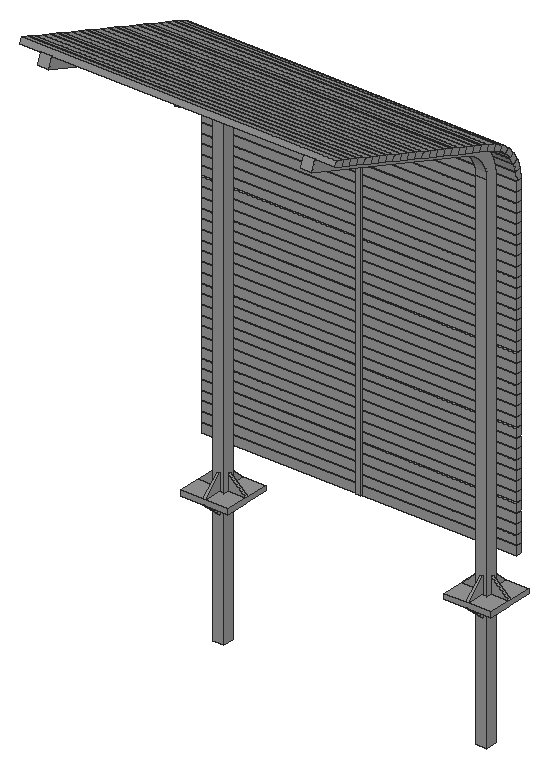
Revit family "Навес «Кайлас» одинарный закрытый Арт 28542", category Антураж, Revit 2018
Family settings
  На основе рабочей плоскости = Нет
  Всегда вертикально = Да
  При загрузке вырезать с полостями = Нет
  Источник визуального образа = Геометрия семейства
  Общий = Нет
  Точка расчета площади = Нет
Parameters (values of type "Навес «Кайлас» одинарный закрытый. 1 секция")
  Ширина = 1500 mm  # constant formula
  Цвет отделки = Дерево
  Цвет каркаса = Сталь
  Описание = "Навес «Кайлас» одинарный закрытый. 1 секция"  # constant formula
  Материал изделия = "Сталь, дерево"  # constant formula
  Изображение типоразмера = Навес «Кайлас» одинарный закрытый Арт 28542.jpg
  Изготовитель = "ООО «Хоббика»"  # constant formula
  Длина = 2000 mm  # constant formula
  Группа модели = "Навесы и беседки"  # constant formula
  Высота = 3000 mm  # constant formula
  Артикул товара = "Арт. 28542"  # constant formula
  URL = "https://hobbyka.ru/product/naves_kaylas_odinarnyy_zakrytyy/"
Reference planes
  plane 1 "По центру (Вперед/Назад)": y = 0
  plane 2: z = 0
  plane 3 "По центру (Влево/Вправо)": x = 0
  plane 4: x = 2000
  plane 5: y = 1500
  plane 6: z = 3000
Forms (mm)
  Extrusion 1, solid, material "Сталь" <- "Цвет каркаса"
    sketch origin (0, 0, 0) x (0, 1, 0) y (0, 0, 1)
      loop
        line (23.941, 2954.04) -> (0, 2888.261) -> (1259.216, 2429.944)
        arc (1259.216, 2429.944) -> (1355.717, 2353.017) -> (1395, 2236.025) r 218.041
        line (1395, 2236.025) -> (1395, -1000) -> (1465, -1000) -> (1465, 2237.23)
        arc (1465, 2237.23) -> (1413.058, 2393.167) -> (1284.291, 2495.31) r 288.041
        line (1284.291, 2495.31) -> (23.941, 2954.04)
    from 130 to 200
  Extrusion 2, solid, material "Сталь" <- "Цвет каркаса"
    sketch origin (0, 0, 0) x (0, 1, 0) y (0, 0, 1)
      loop
        line (23.941, 2954.04) -> (0, 2888.261) -> (1259.216, 2429.944)
        arc (1259.216, 2429.944) -> (1355.717, 2353.017) -> (1395, 2236.025) r 218.041
        line (1395, 2236.025) -> (1395, -1000) -> (1465, -1000) -> (1465, 2237.23)
        arc (1465, 2237.23) -> (1413.058, 2393.167) -> (1284.291, 2495.31) r 288.041
        line (1284.291, 2495.31) -> (23.941, 2954.04)
    from 1800 to 1870
  Extrusion 3, solid, material "Сталь" <- "Цвет каркаса"
    sketch origin (0, 0, 0) x (1, 0, 0) y (0, 1, 0)
      loop
        line (130, 1465) -> (130, 1395) -> (200, 1395) -> (200, 1465) -> (130, 1465)
      loop
        line (1800, 1465) -> (1800, 1395) -> (1870, 1395) -> (1870, 1465) -> (1800, 1465)
      loop
        line (1685, 1580) -> (1685, 1280) -> (1985, 1280) -> (1985, 1580) -> (1685, 1580)
      loop
        line (15, 1580) -> (15, 1280) -> (315, 1280) -> (315, 1580) -> (15, 1580)
    from -164.365 to -132.804
  Extrusion 4, solid, material "Сталь" <- "Цвет каркаса"
    sketch origin (0, 0, 0) x (0, 1, 0) y (0, 0, 1)
      loop
        line (1395, -30) -> (1280, -132.804) -> (1280, -164.365) -> (1395, -267.169) -> (1395, -30)
    from 157.5 to 172.5
  Extrusion 5, solid, material "Сталь" <- "Цвет каркаса"
    sketch origin (-1265, 1595, 0) x (1, 0, 0) y (0, 0, 1)
      loop
        line (1395, -30) -> (1280, -132.804) -> (1280, -164.365) -> (1395, -267.169) -> (1395, -30)
    from 157.5 to 172.5
  Extrusion 6, solid, material "Сталь" <- "Цвет каркаса"
    sketch origin (330, 2860, 0) x (0, -1, 0) y (0, 0, 1)
      loop
        line (1395, -30) -> (1280, -132.804) -> (1280, -164.365) -> (1395, -267.169) -> (1395, -30)
    from 157.5 to 172.5
  Extrusion 7, solid, material "Сталь" <- "Цвет каркаса"
    sketch origin (1595, 1265, 0) x (-1, 0, 0) y (0, 0, 1)
      loop
        line (1395, -30) -> (1280, -132.804) -> (1280, -164.365) -> (1395, -267.169) -> (1395, -30)
    from 157.5 to 172.5
  Extrusion 8, solid, material "Сталь" <- "Цвет каркаса"
    sketch origin (2000, 0, 0) x (0, 1, 0) y (0, 0, -1)
      loop
        line (1395, 30) -> (1395, 267.169) -> (1280, 164.365) -> (1280, 132.804) -> (1395, 30)
    from 157.5 to 172.5
  Extrusion 9, solid, material "Сталь" <- "Цвет каркаса"
    sketch origin (3265, 1595, 0) x (-1, 0, 0) y (0, 0, -1)
      loop
        line (1395, 30) -> (1395, 267.169) -> (1280, 164.365) -> (1280, 132.804) -> (1395, 30)
    from 157.5 to 172.5
  Extrusion 10, solid, material "Сталь" <- "Цвет каркаса"
    sketch origin (1670, 2860, 0) x (0, -1, 0) y (0, 0, -1)
      loop
        line (1395, 30) -> (1395, 267.169) -> (1280, 164.365) -> (1280, 132.804) -> (1395, 30)
    from 157.5 to 172.5
  Extrusion 11, solid, material "Сталь" <- "Цвет каркаса"
    sketch origin (405, 1265, 0) x (1, 0, 0) y (0, 0, -1)
      loop
        line (1395, 30) -> (1395, 267.169) -> (1280, 164.365) -> (1280, 132.804) -> (1395, 30)
    from 157.5 to 172.5
  Extrusion 12, solid, material "Сталь" <- "Цвет каркаса"
    sketch origin (0, 0, 0) x (0, 1, 0) y (0, 0, 1)
      loop
        line (23.941, 2954.04) -> (22.231, 2949.341) -> (1282.504, 2490.639)
        arc (1282.504, 2490.639) -> (1408.962, 2390.299) -> (1460, 2237.15) r 283.041
        line (1460, 2237.15) -> (1460, 110) -> (1465, 110) -> (1465, 2237.23)
        arc (1465, 2237.23) -> (1413.058, 2393.167) -> (1284.291, 2495.31) r 288.041
        line (1284.291, 2495.31) -> (23.941, 2954.04)
    from 985 to 1015
  Extrusion 13, solid, material "Дерево" <- "Цвет отделки"
    sketch origin (0, 0, 0) x (0, 1, 0) y (0, 0, 1)
      loop
        line (1465, 110) -> (1500, 110) -> (1500, 165) -> (1465, 165) -> (1465, 110)
    from 0 to 2000
  Extrusion 14, solid, material "Дерево" <- "Цвет отделки"
    sketch origin (0, 0, 2072.23) x (0, 1, 0) y (0, 0, 1)
      loop
        line (1465, 110) -> (1500, 110) -> (1500, 165) -> (1465, 165) -> (1465, 110)
    from 0 to 2000
  Extrusion 15, solid, material "Дерево" <- "Цвет отделки"
    sketch origin (0, 0, 60.948) x (0, 1, 0) y (0, 0, 1)
      loop
        line (1465, 110) -> (1500, 110) -> (1500, 165) -> (1465, 165) -> (1465, 110)
    from 0 to 2000
  Extrusion 16, solid, material "Дерево" <- "Цвет отделки"
    sketch origin (0, 0, 121.896) x (0, 1, 0) y (0, 0, 1)
      loop
        line (1465, 110) -> (1500, 110) -> (1500, 165) -> (1465, 165) -> (1465, 110)
    from 0 to 2000
  Extrusion 17, solid, material "Дерево" <- "Цвет отделки"
    sketch origin (0, 0, 182.844) x (0, 1, 0) y (0, 0, 1)
      loop
        line (1465, 110) -> (1500, 110) -> (1500, 165) -> (1465, 165) -> (1465, 110)
    from 0 to 2000
  Extrusion 18, solid, material "Дерево" <- "Цвет отделки"
    sketch origin (0, 0, 243.792) x (0, 1, 0) y (0, 0, 1)
      loop
        line (1465, 110) -> (1500, 110) -> (1500, 165) -> (1465, 165) -> (1465, 110)
    from 0 to 2000
  Extrusion 19, solid, material "Дерево" <- "Цвет отделки"
    sketch origin (0, 0, 304.74) x (0, 1, 0) y (0, 0, 1)
      loop
        line (1465, 110) -> (1500, 110) -> (1500, 165) -> (1465, 165) -> (1465, 110)
    from 0 to 2000
  Extrusion 20, solid, material "Дерево" <- "Цвет отделки"
    sketch origin (0, 0, 365.688) x (0, 1, 0) y (0, 0, 1)
      loop
        line (1465, 110) -> (1500, 110) -> (1500, 165) -> (1465, 165) -> (1465, 110)
    from 0 to 2000
  Extrusion 21, solid, material "Дерево" <- "Цвет отделки"
    sketch origin (0, 0, 426.636) x (0, 1, 0) y (0, 0, 1)
      loop
        line (1465, 110) -> (1500, 110) -> (1500, 165) -> (1465, 165) -> (1465, 110)
    from 0 to 2000
  Extrusion 22, solid, material "Дерево" <- "Цвет отделки"
    sketch origin (0, 0, 487.584) x (0, 1, 0) y (0, 0, 1)
      loop
        line (1465, 110) -> (1500, 110) -> (1500, 165) -> (1465, 165) -> (1465, 110)
    from 0 to 2000
  Extrusion 23, solid, material "Дерево" <- "Цвет отделки"
    sketch origin (0, 0, 548.532) x (0, 1, 0) y (0, 0, 1)
      loop
        line (1465, 110) -> (1500, 110) -> (1500, 165) -> (1465, 165) -> (1465, 110)
    from 0 to 2000
  Extrusion 24, solid, material "Дерево" <- "Цвет отделки"
    sketch origin (0, 0, 609.48) x (0, 1, 0) y (0, 0, 1)
      loop
        line (1465, 110) -> (1500, 110) -> (1500, 165) -> (1465, 165) -> (1465, 110)
    from 0 to 2000
  Extrusion 25, solid, material "Дерево" <- "Цвет отделки"
    sketch origin (0, 0, 670.427) x (0, 1, 0) y (0, 0, 1)
      loop
        line (1465, 110) -> (1500, 110) -> (1500, 165) -> (1465, 165) -> (1465, 110)
    from 0 to 2000
  Extrusion 26, solid, material "Дерево" <- "Цвет отделки"
    sketch origin (0, 0, 731.375) x (0, 1, 0) y (0, 0, 1)
      loop
        line (1465, 110) -> (1500, 110) -> (1500, 165) -> (1465, 165) -> (1465, 110)
    from 0 to 2000
  Extrusion 27, solid, material "Дерево" <- "Цвет отделки"
    sketch origin (0, 0, 792.323) x (0, 1, 0) y (0, 0, 1)
      loop
        line (1465, 110) -> (1500, 110) -> (1500, 165) -> (1465, 165) -> (1465, 110)
    from 0 to 2000
  Extrusion 28, solid, material "Дерево" <- "Цвет отделки"
    sketch origin (0, 0, 853.271) x (0, 1, 0) y (0, 0, 1)
      loop
        line (1465, 110) -> (1500, 110) -> (1500, 165) -> (1465, 165) -> (1465, 110)
    from 0 to 2000
  Extrusion 29, solid, material "Дерево" <- "Цвет отделки"
    sketch origin (0, 0, 914.219) x (0, 1, 0) y (0, 0, 1)
      loop
        line (1465, 110) -> (1500, 110) -> (1500, 165) -> (1465, 165) -> (1465, 110)
    from 0 to 2000
  Extrusion 30, solid, material "Дерево" <- "Цвет отделки"
    sketch origin (0, 0, 975.167) x (0, 1, 0) y (0, 0, 1)
      loop
        line (1465, 110) -> (1500, 110) -> (1500, 165) -> (1465, 165) -> (1465, 110)
    from 0 to 2000
  Extrusion 31, solid, material "Дерево" <- "Цвет отделки"
    sketch origin (0, 0, 1036.115) x (0, 1, 0) y (0, 0, 1)
      loop
        line (1465, 110) -> (1500, 110) -> (1500, 165) -> (1465, 165) -> (1465, 110)
    from 0 to 2000
  Extrusion 32, solid, material "Дерево" <- "Цвет отделки"
    sketch origin (0, 0, 1097.063) x (0, 1, 0) y (0, 0, 1)
      loop
        line (1465, 110) -> (1500, 110) -> (1500, 165) -> (1465, 165) -> (1465, 110)
    from 0 to 2000
  Extrusion 33, solid, material "Дерево" <- "Цвет отделки"
    sketch origin (0, 0, 1158.011) x (0, 1, 0) y (0, 0, 1)
      loop
        line (1465, 110) -> (1500, 110) -> (1500, 165) -> (1465, 165) -> (1465, 110)
    from 0 to 2000
  Extrusion 34, solid, material "Дерево" <- "Цвет отделки"
    sketch origin (0, 0, 1218.959) x (0, 1, 0) y (0, 0, 1)
      loop
        line (1465, 110) -> (1500, 110) -> (1500, 165) -> (1465, 165) -> (1465, 110)
    from 0 to 2000
  Extrusion 35, solid, material "Дерево" <- "Цвет отделки"
    sketch origin (0, 0, 1279.907) x (0, 1, 0) y (0, 0, 1)
      loop
        line (1465, 110) -> (1500, 110) -> (1500, 165) -> (1465, 165) -> (1465, 110)
    from 0 to 2000
  Extrusion 36, solid, material "Дерево" <- "Цвет отделки"
    sketch origin (0, 0, 1340.855) x (0, 1, 0) y (0, 0, 1)
      loop
        line (1465, 110) -> (1500, 110) -> (1500, 165) -> (1465, 165) -> (1465, 110)
    from 0 to 2000
  Extrusion 37, solid, material "Дерево" <- "Цвет отделки"
    sketch origin (0, 0, 1401.803) x (0, 1, 0) y (0, 0, 1)
      loop
        line (1465, 110) -> (1500, 110) -> (1500, 165) -> (1465, 165) -> (1465, 110)
    from 0 to 2000
  Extrusion 38, solid, material "Дерево" <- "Цвет отделки"
    sketch origin (0, 0, 1462.751) x (0, 1, 0) y (0, 0, 1)
      loop
        line (1465, 110) -> (1500, 110) -> (1500, 165) -> (1465, 165) -> (1465, 110)
    from 0 to 2000
  Extrusion 39, solid, material "Дерево" <- "Цвет отделки"
    sketch origin (0, 0, 1523.699) x (0, 1, 0) y (0, 0, 1)
      loop
        line (1465, 110) -> (1500, 110) -> (1500, 165) -> (1465, 165) -> (1465, 110)
    from 0 to 2000
  Extrusion 40, solid, material "Дерево" <- "Цвет отделки"
    sketch origin (0, 0, 1584.647) x (0, 1, 0) y (0, 0, 1)
      loop
        line (1465, 110) -> (1500, 110) -> (1500, 165) -> (1465, 165) -> (1465, 110)
    from 0 to 2000
  Extrusion 41, solid, material "Дерево" <- "Цвет отделки"
    sketch origin (0, 0, 1645.595) x (0, 1, 0) y (0, 0, 1)
      loop
        line (1465, 110) -> (1500, 110) -> (1500, 165) -> (1465, 165) -> (1465, 110)
    from 0 to 2000
  Extrusion 42, solid, material "Дерево" <- "Цвет отделки"
    sketch origin (0, 0, 1706.543) x (0, 1, 0) y (0, 0, 1)
      loop
        line (1465, 110) -> (1500, 110) -> (1500, 165) -> (1465, 165) -> (1465, 110)
    from 0 to 2000
  Extrusion 43, solid, material "Дерево" <- "Цвет отделки"
    sketch origin (0, 0, 1767.491) x (0, 1, 0) y (0, 0, 1)
      loop
        line (1465, 110) -> (1500, 110) -> (1500, 165) -> (1465, 165) -> (1465, 110)
    from 0 to 2000
  Extrusion 44, solid, material "Дерево" <- "Цвет отделки"
    sketch origin (0, 0, 1828.439) x (0, 1, 0) y (0, 0, 1)
      loop
        line (1465, 110) -> (1500, 110) -> (1500, 165) -> (1465, 165) -> (1465, 110)
    from 0 to 2000
  Extrusion 45, solid, material "Дерево" <- "Цвет отделки"
    sketch origin (0, 0, 1889.387) x (0, 1, 0) y (0, 0, 1)
      loop
        line (1465, 110) -> (1500, 110) -> (1500, 165) -> (1465, 165) -> (1465, 110)
    from 0 to 2000
  Extrusion 46, solid, material "Дерево" <- "Цвет отделки"
    sketch origin (0, 0, 1950.334) x (0, 1, 0) y (0, 0, 1)
      loop
        line (1465, 110) -> (1500, 110) -> (1500, 165) -> (1465, 165) -> (1465, 110)
    from 0 to 2000
  Extrusion 47, solid, material "Дерево" <- "Цвет отделки"
    sketch origin (0, 0, 2011.282) x (0, 1, 0) y (0, 0, 1)
      loop
        line (1465, 110) -> (1500, 110) -> (1500, 165) -> (1465, 165) -> (1465, 110)
    from 0 to 2000
  Extrusion 48, solid, material "Дерево" <- "Цвет отделки"
    sketch origin (0, 0, 0) x (0, 1, 0) y (0, 0, 1)
      loop
        line (35.912, 2986.929) -> (23.941, 2954.04) -> (75.625, 2935.229) -> (87.595, 2968.118) -> (35.912, 2986.929)
    from 0 to 2000
  Extrusion 49, solid, material "Дерево" <- "Цвет отделки"
    sketch origin (0, 1208.666, -439.918) x (0, 1, 0) y (0, 0, 1)
      loop
        line (35.912, 2986.929) -> (23.941, 2954.04) -> (75.625, 2935.229) -> (87.595, 2968.118) -> (35.912, 2986.929)
    from 0 to 2000
  Extrusion 50, solid, material "Дерево" <- "Цвет отделки"
    sketch origin (0, 57.556, -20.948) x (0, 1, 0) y (0, 0, 1)
      loop
        line (35.912, 2986.929) -> (23.941, 2954.04) -> (75.625, 2935.229) -> (87.595, 2968.118) -> (35.912, 2986.929)
    from 0 to 2000
  Extrusion 51, solid, material "Дерево" <- "Цвет отделки"
    sketch origin (0, 115.111, -41.897) x (0, 1, 0) y (0, 0, 1)
      loop
        line (35.912, 2986.929) -> (23.941, 2954.04) -> (75.625, 2935.229) -> (87.595, 2968.118) -> (35.912, 2986.929)
    from 0 to 2000
  Extrusion 52, solid, material "Дерево" <- "Цвет отделки"
    sketch origin (0, 172.667, -62.845) x (0, 1, 0) y (0, 0, 1)
      loop
        line (35.912, 2986.929) -> (23.941, 2954.04) -> (75.625, 2935.229) -> (87.595, 2968.118) -> (35.912, 2986.929)
    from 0 to 2000
  Extrusion 53, solid, material "Дерево" <- "Цвет отделки"
    sketch origin (0, 230.222, -83.794) x (0, 1, 0) y (0, 0, 1)
      loop
        line (35.912, 2986.929) -> (23.941, 2954.04) -> (75.625, 2935.229) -> (87.595, 2968.118) -> (35.912, 2986.929)
    from 0 to 2000
  Extrusion 54, solid, material "Дерево" <- "Цвет отделки"
    sketch origin (0, 287.778, -104.742) x (0, 1, 0) y (0, 0, 1)
      loop
        line (35.912, 2986.929) -> (23.941, 2954.04) -> (75.625, 2935.229) -> (87.595, 2968.118) -> (35.912, 2986.929)
    from 0 to 2000
  Extrusion 55, solid, material "Дерево" <- "Цвет отделки"
    sketch origin (0, 345.333, -125.691) x (0, 1, 0) y (0, 0, 1)
      loop
        line (35.912, 2986.929) -> (23.941, 2954.04) -> (75.625, 2935.229) -> (87.595, 2968.118) -> (35.912, 2986.929)
    from 0 to 2000
  Extrusion 56, solid, material "Дерево" <- "Цвет отделки"
    sketch origin (0, 402.889, -146.639) x (0, 1, 0) y (0, 0, 1)
      loop
        line (35.912, 2986.929) -> (23.941, 2954.04) -> (75.625, 2935.229) -> (87.595, 2968.118) -> (35.912, 2986.929)
    from 0 to 2000
  Extrusion 57, solid, material "Дерево" <- "Цвет отделки"
    sketch origin (0, 460.444, -167.588) x (0, 1, 0) y (0, 0, 1)
      loop
        line (35.912, 2986.929) -> (23.941, 2954.04) -> (75.625, 2935.229) -> (87.595, 2968.118) -> (35.912, 2986.929)
    from 0 to 2000
  Extrusion 58, solid, material "Дерево" <- "Цвет отделки"
    sketch origin (0, 518, -188.536) x (0, 1, 0) y (0, 0, 1)
      loop
        line (35.912, 2986.929) -> (23.941, 2954.04) -> (75.625, 2935.229) -> (87.595, 2968.118) -> (35.912, 2986.929)
    from 0 to 2000
  Extrusion 59, solid, material "Дерево" <- "Цвет отделки"
    sketch origin (0, 575.555, -209.485) x (0, 1, 0) y (0, 0, 1)
      loop
        line (35.912, 2986.929) -> (23.941, 2954.04) -> (75.625, 2935.229) -> (87.595, 2968.118) -> (35.912, 2986.929)
    from 0 to 2000
  Extrusion 60, solid, material "Дерево" <- "Цвет отделки"
    sketch origin (0, 633.111, -230.433) x (0, 1, 0) y (0, 0, 1)
      loop
        line (35.912, 2986.929) -> (23.941, 2954.04) -> (75.625, 2935.229) -> (87.595, 2968.118) -> (35.912, 2986.929)
    from 0 to 2000
  Extrusion 61, solid, material "Дерево" <- "Цвет отделки"
    sketch origin (0, 690.666, -251.382) x (0, 1, 0) y (0, 0, 1)
      loop
        line (35.912, 2986.929) -> (23.941, 2954.04) -> (75.625, 2935.229) -> (87.595, 2968.118) -> (35.912, 2986.929)
    from 0 to 2000
  Extrusion 62, solid, material "Дерево" <- "Цвет отделки"
    sketch origin (0, 748.222, -272.33) x (0, 1, 0) y (0, 0, 1)
      loop
        line (35.912, 2986.929) -> (23.941, 2954.04) -> (75.625, 2935.229) -> (87.595, 2968.118) -> (35.912, 2986.929)
    from 0 to 2000
  Extrusion 63, solid, material "Дерево" <- "Цвет отделки"
    sketch origin (0, 805.777, -293.279) x (0, 1, 0) y (0, 0, 1)
      loop
        line (35.912, 2986.929) -> (23.941, 2954.04) -> (75.625, 2935.229) -> (87.595, 2968.118) -> (35.912, 2986.929)
    from 0 to 2000
  Extrusion 64, solid, material "Дерево" <- "Цвет отделки"
    sketch origin (0, 863.333, -314.227) x (0, 1, 0) y (0, 0, 1)
      loop
        line (35.912, 2986.929) -> (23.941, 2954.04) -> (75.625, 2935.229) -> (87.595, 2968.118) -> (35.912, 2986.929)
    from 0 to 2000
  Extrusion 65, solid, material "Дерево" <- "Цвет отделки"
    sketch origin (0, 920.888, -335.176) x (0, 1, 0) y (0, 0, 1)
      loop
        line (35.912, 2986.929) -> (23.941, 2954.04) -> (75.625, 2935.229) -> (87.595, 2968.118) -> (35.912, 2986.929)
    from 0 to 2000
  Extrusion 66, solid, material "Дерево" <- "Цвет отделки"
    sketch origin (0, 978.444, -356.124) x (0, 1, 0) y (0, 0, 1)
      loop
        line (35.912, 2986.929) -> (23.941, 2954.04) -> (75.625, 2935.229) -> (87.595, 2968.118) -> (35.912, 2986.929)
    from 0 to 2000
  Extrusion 67, solid, material "Дерево" <- "Цвет отделки"
    sketch origin (0, 1035.999, -377.073) x (0, 1, 0) y (0, 0, 1)
      loop
        line (35.912, 2986.929) -> (23.941, 2954.04) -> (75.625, 2935.229) -> (87.595, 2968.118) -> (35.912, 2986.929)
    from 0 to 2000
  Extrusion 68, solid, material "Дерево" <- "Цвет отделки"
    sketch origin (0, 1093.555, -398.021) x (0, 1, 0) y (0, 0, 1)
      loop
        line (35.912, 2986.929) -> (23.941, 2954.04) -> (75.625, 2935.229) -> (87.595, 2968.118) -> (35.912, 2986.929)
    from 0 to 2000
  Extrusion 69, solid, material "Дерево" <- "Цвет отделки"
    sketch origin (0, 1151.111, -418.97) x (0, 1, 0) y (0, 0, 1)
      loop
        line (35.912, 2986.929) -> (23.941, 2954.04) -> (75.625, 2935.229) -> (87.595, 2968.118) -> (35.912, 2986.929)
    from 0 to 2000
  Extrusion 70, solid, material "Дерево" <- "Цвет отделки"
    sketch origin (0, 0, 0) x (0, 1, 0) y (0, 0, 1)
      loop
        line (1464.593, 2245.227) -> (1499.516, 2247.325)
        arc (1499.516, 2247.325) -> (1496.7, 2274.671) -> (1491.569, 2301.679) r 323.013
        line (1491.569, 2301.679) -> (1457.506, 2293.693)
        arc (1457.506, 2293.693) -> (1462.082, 2269.611) -> (1464.593, 2245.227) r 288.02
      loop
        line (1302.003, 2525.959) -> (1288.137, 2493.922)
        arc (1288.137, 2493.922) -> (1311.175, 2483.034) -> (1333.16, 2470.152) r 288.054
        line (1333.16, 2470.152) -> (1351.248, 2500.199)
        arc (1351.248, 2500.199) -> (1327.18, 2514.14) -> (1302.003, 2525.959) r 323.12
      loop
        line (1355.609, 2497.343) -> (1336.249, 2468.125)
        arc (1336.249, 2468.125) -> (1356.063, 2453.69) -> (1374.579, 2437.622) r 288.102
        line (1374.579, 2437.622) -> (1398.575, 2463.101)
        arc (1398.575, 2463.101) -> (1377.821, 2481.137) -> (1355.609, 2497.343) r 323.141
      loop
        line (1402.899, 2458.942) -> (1378.435, 2433.915)
        arc (1378.435, 2433.915) -> (1395.211, 2416.046) -> (1410.407, 2396.815) r 288.036
        line (1410.407, 2396.815) -> (1438.75, 2417.329)
        arc (1438.75, 2417.329) -> (1421.71, 2438.899) -> (1402.899, 2458.942) r 323.039
      loop
        line (1442.22, 2412.437) -> (1413.502, 2392.453)
        arc (1413.502, 2392.453) -> (1426.633, 2371.758) -> (1437.957, 2350.021) r 288.021
        line (1437.957, 2350.021) -> (1469.645, 2364.85)
        arc (1469.645, 2364.85) -> (1456.946, 2389.227) -> (1442.22, 2412.437) r 323.016
      loop
        line (1472.137, 2359.394) -> (1440.179, 2345.156)
        arc (1440.179, 2345.156) -> (1449.193, 2322.364) -> (1456.237, 2298.889) r 288.02
        line (1456.237, 2298.889) -> (1490.145, 2307.506)
        arc (1490.145, 2307.506) -> (1482.246, 2333.833) -> (1472.137, 2359.394) r 323.013
    from 0 to 2000
Cuts and joins
  joined: Extrusion 3, Extrusion 4, Extrusion 5, Extrusion 6, Extrusion 7, Extrusion 8, Extrusion 9, Extrusion 10, Extrusion 11
Dimensions and locks
  "Длина": plane 3 "По центру (Влево/Вправо)" to plane 4
  "Ширина": plane 5 to plane 1 "По центру (Вперед/Назад)"
  "Высота": plane 6 to plane 2
  equal spacing: group 1, group 3, group 4, group 5, group 6, group 7, group 8, group 9, group 10, group 11, group 12, group 13, group 14, group 15, group 16, group 17, group 18, group 19, group 20, group 21, group 22, group 23, group 24, group 25, group 26, group 27, group 28, group 29, group 30, group 31, group 32, group 33, group 34, group 35, group 2  (x3)
  equal spacing: group 36, group 38, group 39, group 40, group 41, group 42, group 43, group 44, group 45, group 46, group 47, group 48, group 49, group 50, group 51, group 52, group 53, group 54, group 55, group 56, group 57, group 37  (x2)
  equal spacing: group 37, group 57, group 56, group 55, group 54, group 53, group 52, group 51, group 50, group 49, group 48, group 47, group 46, group 45, group 44, group 43, group 42, group 41, group 40, group 39, group 38, group 36
  angle Extrusion 1 sketch curve to Extrusion 1 sketch curve = 110.00°
  angle Extrusion 2 sketch curve to Extrusion 2 sketch curve = 110.00°
  aligned and locked: level to plane 2
Automatic sketch dimensions
  Extrusion 1 sketch curve to Extrusion 1 sketch curve = 0 mm  (x2)
  Extrusion 1 sketch curve to plane 1 "По центру (Вперед/Назад)" = 0 mm
  Extrusion 1 sketch curve to plane 1 "По центру (Вперед/Назад)" = 23.941 mm
  Extrusion 1 sketch curve to plane 5 = 322.891 mm
  Extrusion 1 sketch curve to Extrusion 1 sketch curve = 82.107 mm
  Extrusion 1 sketch curve to Extrusion 1 sketch curve = 25.075 mm
  Extrusion 1 sketch curve to plane 5 = 105 mm
  Extrusion 1 sketch curve to plane 5 = 35 mm
  Extrusion 1 sketch curve to level = 1000 mm
  Extrusion 1 sketch curve to plane 6 = 772.046 mm
  Extrusion 1 sketch curve to Extrusion 1 sketch curve = 8.071 mm
  Extrusion 2 sketch curve to Extrusion 2 sketch curve = 0 mm  (x2)
  Extrusion 2 sketch curve to plane 1 "По центру (Вперед/Назад)" = 0 mm
  Extrusion 2 sketch curve to plane 1 "По центру (Вперед/Назад)" = 23.941 mm
  Extrusion 2 sketch curve to plane 5 = 322.891 mm
  Extrusion 2 sketch curve to Extrusion 2 sketch curve = 82.107 mm
  Extrusion 2 sketch curve to Extrusion 2 sketch curve = 25.075 mm
  Extrusion 2 sketch curve to plane 5 = 105 mm
  Extrusion 2 sketch curve to plane 5 = 35 mm
  Extrusion 2 sketch curve to level = 1000 mm
  Extrusion 2 sketch curve to plane 6 = 772.046 mm
  Extrusion 2 sketch curve to Extrusion 2 sketch curve = 8.071 mm
  plane 3 "По центру (Влево/Вправо)" to Extrusion 3 sketch curve = 15 mm
  plane 3 "По центру (Влево/Вправо)" to Extrusion 3 sketch curve = 130 mm
  Extrusion 3 sketch curve to plane 5 = 35 mm  (x2)
  Extrusion 3 sketch curve to Extrusion 3 sketch curve = 70 mm  (x4)
  plane 5 to Extrusion 3 sketch curve = 80 mm  (x2)
  Extrusion 3 sketch curve to Extrusion 3 sketch curve = 115 mm  (x4)
  Extrusion 3 sketch curve to plane 4 = 315 mm
  Extrusion 3 sketch curve to plane 4 = 15 mm
  Extrusion 4 sketch curve to plane 5 = 220 mm
  Extrusion 4 sketch curve to plane 5 = 105 mm
  Extrusion 4 sketch curve to level = 267.169 mm
  Extrusion 4 sketch curve to Extrusion 4 sketch curve = 102.804 mm
  Extrusion 4 sketch curve to Extrusion 4 sketch curve = 31.561 mm
  Extrusion 4 sketch curve to level = 30 mm
  plane 3 "По центру (Влево/Вправо)" to Extrusion 5 sketch curve = 15 mm
  plane 3 "По центру (Влево/Вправо)" to Extrusion 5 sketch curve = 130 mm
  Extrusion 5 sketch curve to level = 267.169 mm
  Extrusion 5 sketch curve to Extrusion 5 sketch curve = 102.804 mm
  Extrusion 5 sketch curve to Extrusion 5 sketch curve = 31.561 mm
  Extrusion 5 sketch curve to level = 30 mm
  plane 5 to Extrusion 6 sketch curve = 80 mm
  Extrusion 6 sketch curve to plane 5 = 35 mm
  Extrusion 6 sketch curve to level = 267.169 mm
  Extrusion 6 sketch curve to Extrusion 6 sketch curve = 102.804 mm
  Extrusion 6 sketch curve to Extrusion 6 sketch curve = 31.561 mm
  Extrusion 6 sketch curve to level = 30 mm
  Extrusion 7 sketch curve to level = 132.804 mm
  plane 3 "По центру (Влево/Вправо)" to Extrusion 7 sketch curve = 315 mm
  Extrusion 7 sketch curve to Extrusion 7 sketch curve = 115 mm
  Extrusion 7 sketch curve to Extrusion 7 sketch curve = 31.561 mm
  Extrusion 7 sketch curve to Extrusion 7 sketch curve = 102.804 mm
  Extrusion 7 sketch curve to level = 30 mm
  Extrusion 8 sketch curve to plane 5 = 220 mm
  Extrusion 8 sketch curve to plane 5 = 105 mm
  Extrusion 8 sketch curve to level = 30 mm
  Extrusion 8 sketch curve to level = 132.804 mm
  Extrusion 8 sketch curve to Extrusion 8 sketch curve = 31.561 mm
  Extrusion 8 sketch curve to Extrusion 8 sketch curve = 102.804 mm
  Extrusion 9 sketch curve to plane 4 = 15 mm
  Extrusion 9 sketch curve to plane 4 = 130 mm
  Extrusion 9 sketch curve to level = 30 mm
  Extrusion 9 sketch curve to level = 132.804 mm
  Extrusion 9 sketch curve to Extrusion 9 sketch curve = 31.561 mm
  Extrusion 9 sketch curve to Extrusion 9 sketch curve = 102.804 mm
  plane 5 to Extrusion 10 sketch curve = 80 mm
  Extrusion 10 sketch curve to plane 5 = 35 mm
  Extrusion 10 sketch curve to level = 30 mm
  Extrusion 10 sketch curve to level = 132.804 mm
  Extrusion 10 sketch curve to Extrusion 10 sketch curve = 31.561 mm
  Extrusion 10 sketch curve to Extrusion 10 sketch curve = 102.804 mm
  Extrusion 11 sketch curve to level = 132.804 mm
  Extrusion 11 sketch curve to plane 4 = 315 mm
  Extrusion 11 sketch curve to Extrusion 11 sketch curve = 115 mm
  Extrusion 11 sketch curve to level = 30 mm
  Extrusion 11 sketch curve to Extrusion 11 sketch curve = 31.561 mm
  Extrusion 11 sketch curve to Extrusion 11 sketch curve = 102.804 mm
  Extrusion 12 sketch curve to Extrusion 12 sketch curve = 0 mm  (x2)
  Extrusion 12 sketch curve to plane 5 = 217.496 mm
  Extrusion 12 sketch curve to Extrusion 12 sketch curve = 1.786 mm
  Extrusion 12 sketch curve to plane 5 = 40 mm
  Extrusion 12 sketch curve to Extrusion 12 sketch curve = 5 mm
  level to Extrusion 12 sketch curve = 110 mm
  Extrusion 12 sketch curve to Extrusion 12 sketch curve = 9.196 mm
  Extrusion 12 sketch curve to Extrusion 12 sketch curve = 0.081 mm
  Extrusion 12 sketch curve to plane 1 "По центру (Вперед/Назад)" = 23.941 mm
  Extrusion 12 sketch curve to Extrusion 12 sketch curve = 1.71 mm
  Extrusion 12 sketch curve to plane 6 = 50.659 mm
  Extrusion 12 sketch curve to Extrusion 12 sketch curve = 4.698 mm
  Extrusion 48 sketch curve to Extrusion 48 sketch curve = 11.971 mm
  Extrusion 48 sketch curve to Extrusion 48 sketch curve = 51.683 mm
  Extrusion 14 sketch curve to Extrusion 14 sketch curve = 35 mm
  Extrusion 14 sketch curve to Extrusion 14 sketch curve = 55 mm
  Extrusion 13 sketch curve to Extrusion 13 sketch curve = 35 mm
  Extrusion 13 sketch curve to Extrusion 13 sketch curve = 55 mm
  Extrusion 15 sketch curve to Extrusion 15 sketch curve = 35 mm
  Extrusion 15 sketch curve to Extrusion 15 sketch curve = 55 mm
  Extrusion 16 sketch curve to Extrusion 16 sketch curve = 35 mm
  Extrusion 16 sketch curve to Extrusion 16 sketch curve = 55 mm
  Extrusion 17 sketch curve to Extrusion 17 sketch curve = 35 mm
  Extrusion 17 sketch curve to Extrusion 17 sketch curve = 55 mm
  Extrusion 18 sketch curve to Extrusion 18 sketch curve = 35 mm
  Extrusion 18 sketch curve to Extrusion 18 sketch curve = 55 mm
  Extrusion 19 sketch curve to Extrusion 19 sketch curve = 35 mm
  Extrusion 19 sketch curve to Extrusion 19 sketch curve = 55 mm
  Extrusion 20 sketch curve to Extrusion 20 sketch curve = 35 mm
  Extrusion 20 sketch curve to Extrusion 20 sketch curve = 55 mm
  Extrusion 21 sketch curve to Extrusion 21 sketch curve = 35 mm
  Extrusion 21 sketch curve to Extrusion 21 sketch curve = 55 mm
  Extrusion 22 sketch curve to Extrusion 22 sketch curve = 35 mm
  Extrusion 22 sketch curve to Extrusion 22 sketch curve = 55 mm
  Extrusion 23 sketch curve to Extrusion 23 sketch curve = 35 mm
  Extrusion 23 sketch curve to Extrusion 23 sketch curve = 55 mm
  Extrusion 24 sketch curve to Extrusion 24 sketch curve = 35 mm
  Extrusion 24 sketch curve to Extrusion 24 sketch curve = 55 mm
  Extrusion 25 sketch curve to Extrusion 25 sketch curve = 35 mm
  Extrusion 25 sketch curve to Extrusion 25 sketch curve = 55 mm
  Extrusion 26 sketch curve to Extrusion 26 sketch curve = 35 mm
  Extrusion 26 sketch curve to Extrusion 26 sketch curve = 55 mm
  Extrusion 27 sketch curve to Extrusion 27 sketch curve = 35 mm
  Extrusion 27 sketch curve to Extrusion 27 sketch curve = 55 mm
  Extrusion 28 sketch curve to Extrusion 28 sketch curve = 35 mm
  Extrusion 28 sketch curve to Extrusion 28 sketch curve = 55 mm
  Extrusion 29 sketch curve to Extrusion 29 sketch curve = 35 mm
  Extrusion 29 sketch curve to Extrusion 29 sketch curve = 55 mm
  Extrusion 30 sketch curve to Extrusion 30 sketch curve = 35 mm
  Extrusion 30 sketch curve to Extrusion 30 sketch curve = 55 mm
  Extrusion 31 sketch curve to Extrusion 31 sketch curve = 35 mm
  Extrusion 31 sketch curve to Extrusion 31 sketch curve = 55 mm
  Extrusion 32 sketch curve to Extrusion 32 sketch curve = 35 mm
  Extrusion 32 sketch curve to Extrusion 32 sketch curve = 55 mm
  Extrusion 33 sketch curve to Extrusion 33 sketch curve = 35 mm
  Extrusion 33 sketch curve to Extrusion 33 sketch curve = 55 mm
  Extrusion 34 sketch curve to Extrusion 34 sketch curve = 35 mm
  Extrusion 34 sketch curve to Extrusion 34 sketch curve = 55 mm
  Extrusion 35 sketch curve to Extrusion 35 sketch curve = 35 mm
  Extrusion 35 sketch curve to Extrusion 35 sketch curve = 55 mm
  Extrusion 36 sketch curve to Extrusion 36 sketch curve = 35 mm
  Extrusion 36 sketch curve to Extrusion 36 sketch curve = 55 mm
  Extrusion 37 sketch curve to Extrusion 37 sketch curve = 35 mm
  Extrusion 37 sketch curve to Extrusion 37 sketch curve = 55 mm
  Extrusion 38 sketch curve to Extrusion 38 sketch curve = 35 mm
  Extrusion 38 sketch curve to Extrusion 38 sketch curve = 55 mm
  Extrusion 39 sketch curve to Extrusion 39 sketch curve = 35 mm
  Extrusion 39 sketch curve to Extrusion 39 sketch curve = 55 mm
  Extrusion 40 sketch curve to Extrusion 40 sketch curve = 35 mm
  Extrusion 40 sketch curve to Extrusion 40 sketch curve = 55 mm
  Extrusion 41 sketch curve to Extrusion 41 sketch curve = 35 mm
  Extrusion 41 sketch curve to Extrusion 41 sketch curve = 55 mm
  Extrusion 42 sketch curve to Extrusion 42 sketch curve = 35 mm
  Extrusion 42 sketch curve to Extrusion 42 sketch curve = 55 mm
  Extrusion 43 sketch curve to Extrusion 43 sketch curve = 35 mm
  Extrusion 43 sketch curve to Extrusion 43 sketch curve = 55 mm
  Extrusion 44 sketch curve to Extrusion 44 sketch curve = 35 mm
  Extrusion 44 sketch curve to Extrusion 44 sketch curve = 55 mm
  Extrusion 45 sketch curve to Extrusion 45 sketch curve = 35 mm
  Extrusion 45 sketch curve to Extrusion 45 sketch curve = 55 mm
  Extrusion 46 sketch curve to Extrusion 46 sketch curve = 35 mm
  Extrusion 46 sketch curve to Extrusion 46 sketch curve = 55 mm
  Extrusion 47 sketch curve to Extrusion 47 sketch curve = 35 mm
  Extrusion 47 sketch curve to Extrusion 47 sketch curve = 55 mm
  Extrusion 48 sketch curve to Extrusion 48 sketch curve = 18.811 mm
  Extrusion 49 sketch curve to Extrusion 49 sketch curve = 11.971 mm
  Extrusion 49 sketch curve to Extrusion 49 sketch curve = 51.683 mm
  Extrusion 49 sketch curve to Extrusion 49 sketch curve = 18.811 mm
  Extrusion 50 sketch curve to Extrusion 50 sketch curve = 11.971 mm
  Extrusion 50 sketch curve to Extrusion 50 sketch curve = 51.683 mm
  Extrusion 50 sketch curve to Extrusion 50 sketch curve = 18.811 mm
  Extrusion 51 sketch curve to Extrusion 51 sketch curve = 11.971 mm
  Extrusion 51 sketch curve to Extrusion 51 sketch curve = 51.683 mm
  Extrusion 51 sketch curve to Extrusion 51 sketch curve = 18.811 mm
  Extrusion 52 sketch curve to Extrusion 52 sketch curve = 11.971 mm
  Extrusion 52 sketch curve to Extrusion 52 sketch curve = 51.683 mm
  Extrusion 52 sketch curve to Extrusion 52 sketch curve = 18.811 mm
  Extrusion 53 sketch curve to Extrusion 53 sketch curve = 11.971 mm
  Extrusion 53 sketch curve to Extrusion 53 sketch curve = 51.683 mm
  Extrusion 53 sketch curve to Extrusion 53 sketch curve = 18.811 mm
  Extrusion 54 sketch curve to Extrusion 54 sketch curve = 11.971 mm
  Extrusion 54 sketch curve to Extrusion 54 sketch curve = 51.683 mm
  Extrusion 54 sketch curve to Extrusion 54 sketch curve = 18.811 mm
  Extrusion 55 sketch curve to Extrusion 55 sketch curve = 11.971 mm
  Extrusion 55 sketch curve to Extrusion 55 sketch curve = 51.683 mm
  Extrusion 55 sketch curve to Extrusion 55 sketch curve = 18.811 mm
  Extrusion 56 sketch curve to Extrusion 56 sketch curve = 11.971 mm
  Extrusion 56 sketch curve to Extrusion 56 sketch curve = 51.683 mm
  Extrusion 56 sketch curve to Extrusion 56 sketch curve = 18.811 mm
  Extrusion 57 sketch curve to Extrusion 57 sketch curve = 11.971 mm
  Extrusion 57 sketch curve to Extrusion 57 sketch curve = 51.683 mm
  Extrusion 57 sketch curve to Extrusion 57 sketch curve = 18.811 mm
  Extrusion 58 sketch curve to Extrusion 58 sketch curve = 11.971 mm
  Extrusion 58 sketch curve to Extrusion 58 sketch curve = 51.683 mm
  Extrusion 58 sketch curve to Extrusion 58 sketch curve = 18.811 mm
  Extrusion 59 sketch curve to Extrusion 59 sketch curve = 11.971 mm
  Extrusion 59 sketch curve to Extrusion 59 sketch curve = 51.683 mm
  Extrusion 59 sketch curve to Extrusion 59 sketch curve = 18.811 mm
  Extrusion 60 sketch curve to Extrusion 60 sketch curve = 11.971 mm
  Extrusion 60 sketch curve to Extrusion 60 sketch curve = 51.683 mm
  Extrusion 60 sketch curve to Extrusion 60 sketch curve = 18.811 mm
  Extrusion 61 sketch curve to Extrusion 61 sketch curve = 11.971 mm
  Extrusion 61 sketch curve to Extrusion 61 sketch curve = 51.683 mm
  Extrusion 61 sketch curve to Extrusion 61 sketch curve = 18.811 mm
  Extrusion 62 sketch curve to Extrusion 62 sketch curve = 11.971 mm
  Extrusion 62 sketch curve to Extrusion 62 sketch curve = 51.683 mm
  Extrusion 62 sketch curve to Extrusion 62 sketch curve = 18.811 mm
  Extrusion 63 sketch curve to Extrusion 63 sketch curve = 11.971 mm
  Extrusion 63 sketch curve to Extrusion 63 sketch curve = 51.683 mm
  Extrusion 63 sketch curve to Extrusion 63 sketch curve = 18.811 mm
  Extrusion 64 sketch curve to Extrusion 64 sketch curve = 11.971 mm
  Extrusion 64 sketch curve to Extrusion 64 sketch curve = 51.683 mm
  Extrusion 64 sketch curve to Extrusion 64 sketch curve = 18.811 mm
  Extrusion 65 sketch curve to Extrusion 65 sketch curve = 11.971 mm
  Extrusion 65 sketch curve to Extrusion 65 sketch curve = 51.683 mm
  Extrusion 65 sketch curve to Extrusion 65 sketch curve = 18.811 mm
  Extrusion 66 sketch curve to Extrusion 66 sketch curve = 11.971 mm
  Extrusion 66 sketch curve to Extrusion 66 sketch curve = 51.683 mm
  Extrusion 66 sketch curve to Extrusion 66 sketch curve = 18.811 mm
  Extrusion 67 sketch curve to Extrusion 67 sketch curve = 11.971 mm
  Extrusion 67 sketch curve to Extrusion 67 sketch curve = 51.683 mm
  Extrusion 67 sketch curve to Extrusion 67 sketch curve = 18.811 mm
  Extrusion 68 sketch curve to Extrusion 68 sketch curve = 11.971 mm
  Extrusion 68 sketch curve to Extrusion 68 sketch curve = 51.683 mm
  Extrusion 68 sketch curve to Extrusion 68 sketch curve = 18.811 mm
  Extrusion 69 sketch curve to Extrusion 69 sketch curve = 11.971 mm
  Extrusion 69 sketch curve to Extrusion 69 sketch curve = 51.683 mm
  Extrusion 69 sketch curve to Extrusion 69 sketch curve = 18.811 mm
  Extrusion 70 sketch curve to Extrusion 70 sketch curve = 0.004 mm  (x3)
  Extrusion 70 sketch curve to plane 6 = 772.062 mm
  Extrusion 70 sketch curve to Extrusion 70 sketch curve = 45.024 mm
  Extrusion 70 sketch curve to Extrusion 70 sketch curve = 18.087 mm
  Extrusion 70 sketch curve to Extrusion 70 sketch curve = 4.361 mm
  Extrusion 70 sketch curve to Extrusion 70 sketch curve = 38.33 mm
  Extrusion 70 sketch curve to Extrusion 70 sketch curve = 23.996 mm
  Extrusion 70 sketch curve to Extrusion 70 sketch curve = 31.973 mm
  Extrusion 70 sketch curve to Extrusion 70 sketch curve = 24.455 mm
  Extrusion 70 sketch curve to Extrusion 70 sketch curve = 28.342 mm
  Extrusion 70 sketch curve to Extrusion 70 sketch curve = 2.222 mm
  Extrusion 70 sketch curve to Extrusion 70 sketch curve = 1.269 mm
  Extrusion 70 sketch curve to plane 5 = 30.355 mm
  Extrusion 70 sketch curve to plane 5 = 9.855 mm
  Extrusion 70 sketch curve to Extrusion 70 sketch curve = 1.424 mm
  Extrusion 70 sketch curve to plane 5 = 0.484 mm
  Extrusion 70 sketch curve to Extrusion 70 sketch curve = 5.196 mm
  Extrusion 70 sketch curve to Extrusion 70 sketch curve = 5.827 mm
  Extrusion 70 sketch curve to Extrusion 70 sketch curve = 13.866 mm
  Extrusion 70 sketch curve to Extrusion 70 sketch curve = 0.006 mm
  Extrusion 70 sketch curve to Extrusion 70 sketch curve = 2.097 mm
  Extrusion 70 sketch curve to Extrusion 70 sketch curve = 0.002 mm  (x3)
  Extrusion 70 sketch curve to Extrusion 70 sketch curve = 0.017 mm
  Extrusion 70 sketch curve to Extrusion 70 sketch curve = 0.011 mm
  Extrusion 70 sketch curve to Extrusion 70 sketch curve = 0.012 mm
  Extrusion 70 sketch curve to Extrusion 70 sketch curve = 2.492 mm
  Extrusion 70 sketch curve to Extrusion 70 sketch curve = 0.07 mm
  Extrusion 70 sketch curve to Extrusion 70 sketch curve = 0.068 mm
  Extrusion 70 sketch curve to Extrusion 70 sketch curve = 3.095 mm
  Extrusion 70 sketch curve to Extrusion 70 sketch curve = 0.119 mm
  Extrusion 70 sketch curve to Extrusion 70 sketch curve = 0.109 mm
  Extrusion 70 sketch curve to Extrusion 70 sketch curve = 3.47 mm
  Extrusion 70 sketch curve to Extrusion 70 sketch curve = 0.428 mm
  Extrusion 70 sketch curve to Extrusion 70 sketch curve = 0.319 mm
  Extrusion 70 sketch curve to Extrusion 70 sketch curve = 0.666 mm
  Extrusion 70 sketch curve to Extrusion 70 sketch curve = 0.491 mm
  Extrusion 70 sketch curve to Extrusion 70 sketch curve = 0.317 mm
  Extrusion 70 sketch curve to Extrusion 70 sketch curve = 0.115 mm
  Extrusion 70 sketch curve to Extrusion 70 sketch curve = 0.402 mm
  Extrusion 70 sketch curve to Extrusion 70 sketch curve = 0.36 mm
  Extrusion 70 sketch curve to Extrusion 70 sketch curve = 3.089 mm
  Extrusion 70 sketch curve to Extrusion 70 sketch curve = 32.037 mm
  Extrusion 70 sketch curve to Extrusion 70 sketch curve = 34.924 mm
  Extrusion 70 sketch curve to Extrusion 70 sketch curve = 2.027 mm
  Extrusion 70 sketch curve to Extrusion 70 sketch curve = 2.856 mm
  Extrusion 70 sketch curve to Extrusion 70 sketch curve = 4.324 mm
  Extrusion 70 sketch curve to Extrusion 70 sketch curve = 4.159 mm
  Extrusion 70 sketch curve to Extrusion 70 sketch curve = 3.856 mm
  Extrusion 70 sketch curve to Extrusion 70 sketch curve = 3.707 mm
  Extrusion 70 sketch curve to Extrusion 70 sketch curve = 4.892 mm
  Extrusion 70 sketch curve to Extrusion 70 sketch curve = 29.916 mm
  Extrusion 70 sketch curve to Extrusion 70 sketch curve = 4.865 mm
  Extrusion 70 sketch curve to Extrusion 70 sketch curve = 5.456 mm
  Extrusion 70 sketch curve to Extrusion 70 sketch curve = 17.401 mm
  Extrusion 70 sketch curve to Extrusion 70 sketch curve = 14.238 mm
  Extrusion 70 sketch curve to Extrusion 70 sketch curve = 33.908 mm
